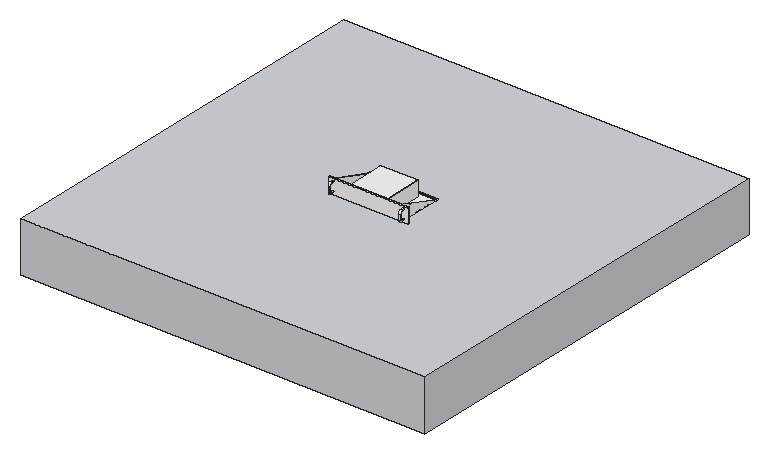
Revit family "Gira_207500", category Elektroinstallationen, Revit 2017
Family settings
  Basisbauteil = Fläche
  Beschriftungsausrichtung beibehalten = Nein
  Bemaßung runder Anschluss = Durchmesser verwenden
  Teiletyp = Normal
  Beim Laden mit Abzugskörper schneiden = Nein
  Gemeinsam genutzt = Nein
  Raumberechnungspunkt = Nein
Parameters
  Default Elevation = 1219.2 mm
  URL = "https://www.gira.de/"
  Typname = "Gira FacilityServer Gira Server"
  Type of accessory = "Other"
  Productwebsite = "http://katalog.gira.de/en/datenblatt.html?artikelnr=207500"
  Hersteller = "Gira"
  HAN = "207500"
  GTIN = "4010337051817"
  Data sheet = "https://katalog.gira.de/en/download.html?artikelnr=207500"
  Beschreibung = "Gira FacilityServer Serv.,Gira FacilityServer,,,Gateway for the KNX installation, specifically matched to the demanding requirements in the commercial sector. With the Gira FacilityServer, systems and building functions can be networked intelligently with each other and the entire KNX installation can be monitored, controlled and programmed centrally from a PC. Access and monitoring of the building and system technology from outside is also possible by connecting to the Internet. Also serves as a data server for higher-level facility management systems, to which it provides stored consumption and operating data for evaluation. It offers the complete functional range of the Gira HomeServer, but is equipped with considerably more memory capacity for its use in the commercial sector. This enables considerably larger amounts of data to be stored and more complex, more extensive visualisations to be created. Several Gira FacilityServers can be networked in order to interconnect buildings which are spatially separated from each other: Local and higher-level applications can be combined. In addition to a PC, access is also possible via other Internet-capable devices connected to LAN, WLAN, or the internet. As a result, KNX functions can be controlled and regulated anywhere. The Gira Control 9 Client, Gira Control 19 Client 2 and the Gira HomeServer app can be used as convenient operating devices. The app is available from the Apple App Store and Google Play Store and can be used on smartphones and tablets.,,Features:,- Can be updated.,- Installation in 19 rack. For this purpose the scope of supply includes a 19 insert unit with an aluminium plate. Can also be used as a stand-alone device.,- Management of 200 users. Multiple logins possible under one user name.,- Project archiving with individual content such as floor plans, etc.,- Cyclic triggered data recording (for example, temperature courses, elapsed-hours meters, fill levels).,- Graphic user interface: Visualisation of building and device states with freely positionable icons and texts. Saving of individual images and menu structures for each user group.,- Evaluation of IP cameras: Recording of images and playback in the visualisation. Forwarding of footage and images via email and FTP. National requirements, e.g. protocol-specific information and communications standards need to be observed.,- Exporting of data or alarm records in the Excel(tm), CSV, HTML or XML file formats.,- Mathematical functions (e.g. basic operations).,- Storing and calling up of light scenes.,- Timers, weekly program, public holiday calendar.,- Fault messages, measured values and sensor or actuator states can be transmitted by push notification and e-mail. Acknowledgement via KNX.,- Self-teaching occupied-home simulation.,- Remote programming via network, Internet and data communications connections.,- Transmitting ASCII texts.,- IP coupling with products from other manufacturers that generate or edit IP telegrams for control.,- Low-wearing.,- Graphic logic editor: Allows for example copying module groups across projects, creating any number of work sheets. Over 150 logic nodes are set up.,- Importing and exporting of global libraries.,- Communication objects: Data transfer from ETS by means of OPC or directly from the knxproj file. Import and export of communication objects as CSV file.,- Universal timer: Several switching points possible per clock. Use of placeholders in day, month, year. Activation deactivation via communication object. With Astro and random function.,- Data backup restoration of retentive data.,- 14-byte KNX texts: Evaluation by comparison with text string. Use in push notification, e-mails, or status page.,- Receipt of IP telegrams: Specification of an address range, extraction of 14-byte KNX texts, assignment to 14-byte KNX texts.,- SNMP: Reading out numeric and 14-byte KNX texts. Setting numeric values, integer values, and texts. Transmitting SNMP Traps via FacilityServer command. Optional ColdStart Trap when starting the FacilityServer.,- Operation status display via Agfeo telephone system.,- Evaluation of web-based IP devices (reading writing).,- Bus access via KNXnet IP protocol.,- iETS server: Remote programming of KNX systems. Enabling of iETS function with a communication object. Gira HomeServer continues to run without restriction during programming via iETS. Switching processes continue to run. Process image remains current.,,Notes :,- Further information: www.gira.de facilityserver.,- Technical information may vary or be modified depending on version. In the same way, the scope of service can vary among the individual clients (QuadClient, iOS app, Android app).,- Recommended system requirements for operating devices: Internet browser of possible operating devices must support at least HTML 4.0, Java Script 1.1, CSS, and Dynamic HTML.,- Gira FacilityServer Expert software for operating systems from Windows XP(tm) including Internet Explorer from Version 6.0.,- Adoption of the ETS group addresses from ETS 2, 3, 4, and 5.,- Integration of graphics programs."
  BIM = "https://media.stage.bim.site/public/gira/ad86d9f/Gira-Facility.rfa"
Reference planes
  plane 1 "Center (Front/Back)": y = 0
  plane 2: z = 0
  plane 3 "Center (Left/Right)": x = 0
Forms (mm)
  Extrusion 1, solid
    sketch origin (0, 0, 0) x (1, 0, 0) y (0, 1, 0)
      loop
        line (-1219.2, 1219.2) -> (-1219.2, -1219.2) -> (1219.2, -1219.2) -> (1219.2, 1219.2) -> (-1219.2, 1219.2)
    from 0 to -304.8
  Sweep 2, solid, material "White", detail levels fine
    path origin (0, 0, 0) x (0, -1, 0) y (0, 0, 1)
      loop
        line (120.35, 16.5) -> (138.35, 16.5)
        arc (138.35, 16.5) -> (145.421, 19.429) -> (148.35, 26.5) r 10
        line (148.35, 26.5) -> (148.35, 61.5)
        arc (148.35, 61.5) -> (145.421, 68.571) -> (138.35, 71.5) r 10
        line (138.35, 71.5) -> (120.35, 71.5)
    profile origin (0, -129.35, 71.5) x (0, 0, 1) y (1, 0, 0)
      loop
        circle (0, 212.5) r 4
  Sweep 3, solid, material "White", detail levels fine
    path origin (0, 0, 0) x (0, -1, 0) y (0, 0, 1)
      loop
        line (120.35, 16.5) -> (138.35, 16.5)
        arc (138.35, 16.5) -> (145.421, 19.429) -> (148.35, 26.5) r 10
        line (148.35, 26.5) -> (148.35, 61.5)
        arc (148.35, 61.5) -> (145.421, 68.571) -> (138.35, 71.5) r 10
        line (138.35, 71.5) -> (120.35, 71.5)
    profile origin (0, -129.35, 71.5) x (0, 0, -1) y (-1, 0, 0)
      loop
        circle (0, 212.5) r 4
  Extrusion 4, solid, material "White", detail levels fine
    sketch origin (0, 0, 0) x (0, 1, 0) y (0, 0, 1)
      loop
        line (-113.35, 1.5) -> (-113.35, 0.5) -> (132.35, 0.5) -> (138.087, 0.5)
        arc (138.087, 0.5) -> (138.852, 0.652) -> (139.501, 1.086) r 2
        line (139.501, 1.086) -> (144.572, 6.157)
        arc (144.572, 6.157) -> (145.279, 6.45) -> (145.986, 6.157) r 1
        line (145.986, 6.157) -> (151.643, 0.5) -> (152.35, 1.207) -> (146.693, 6.864)
        arc (146.693, 6.864) -> (145.279, 7.45) -> (143.865, 6.864) r 2
        line (143.865, 6.864) -> (138.794, 1.793)
        arc (138.794, 1.793) -> (138.47, 1.576) -> (138.087, 1.5) r 1
        line (138.087, 1.5) -> (-113.35, 1.5)
    from -202.5 to 202.5
  Extrusion 5, solid, material "White", detail levels medium+fine
    sketch origin (0, 0, 0) x (0, 1, 0) y (0, 0, 1)
      loop
        line (-113.35, 0.5) -> (132.35, 0.5) -> (132.35, 2.5) -> (132.35, 7.5) -> (-102.65, 87.5) -> (-113.35, 87.5) -> (-113.35, 0.5)
    from 200.5 to 202.5
  Extrusion 6, solid, material "White", detail levels medium+fine
    sketch origin (0, 0, 0) x (0, 1, 0) y (0, 0, -1)
      loop
        line (-113.35, -0.5) -> (-113.35, -87.5) -> (-102.65, -87.5) -> (132.35, -7.5) -> (132.35, -2.5) -> (132.35, -0.5) -> (-113.35, -0.5)
    from 200.5 to 202.5
  Extrusion 7, solid, material "White", detail levels fine
    sketch origin (0, 0, 0) x (1, 0, 0) y (0, 0, 1)
      loop
        line (-112.75, 84) -> (-112.75, 1.5) -> (112.75, 1.5) -> (112.75, 84)
        arc (112.75, 84) -> (111.725, 86.475) -> (109.25, 87.5) r 3.5
        line (109.25, 87.5) -> (-109.25, 87.5)
        arc (-109.25, 87.5) -> (-111.725, 86.475) -> (-112.75, 84) r 3.5
    from -113.15 to 113.35
  Extrusion 8, solid, material "White", detail levels fine
    sketch origin (0, 0, 0) x (1, 0, 0) y (0, 0, 1)
      loop
        line (-241.3, 87) -> (-241.3, 1) -> (-240.3, 0) -> (240.3, 0) -> (241.3, 1) -> (241.3, 87) -> (240.3, 88) -> (-240.3, 88) -> (-241.3, 87)
    from 113.35 to 120.35
  Revolve 9, solid, material "White", detail levels fine
    sketch origin (0, 0, 24) x (1, 0, 0) y (0, 1, 0)
      loop
        line (-95.7, 158.85) -> (-98.65, 158.85) -> (-98.65, 147.35) -> (-92.45, 147.35) -> (-92.45, 183.85) -> (-95.7, 183.85) -> (-95.7, 158.85)
      axis (-92.45, 183.85) -> (-92.45, 147.35)
    angle from 0 to 360
  Extrusion 10, solid, material "White", detail levels fine
    sketch origin (0, 0, 0) x (1, 0, 0) y (0, 0, 1)
      loop
        line (-103.85, 55.8) -> (-103.85, 9.2)
        arc (-103.85, 9.2) -> (-103.557, 8.493) -> (-102.85, 8.2) r 1
        line (-102.85, 8.2) -> (-80.85, 8.2)
        arc (-80.85, 8.2) -> (-80.143, 8.493) -> (-79.85, 9.2) r 1
        line (-79.85, 9.2) -> (-79.85, 55.8)
        arc (-79.85, 55.8) -> (-80.143, 56.507) -> (-80.85, 56.8) r 1
        line (-80.85, 56.8) -> (-102.85, 56.8)
        arc (-102.85, 56.8) -> (-103.557, 56.507) -> (-103.85, 55.8) r 1
    from -113.15 to -147.35
  Extrusion 11, solid, material "White", detail levels medium
    sketch origin (0, 0, 0) x (1, 0, 0) y (0, 0, 1)
      loop
        line (-241.3, 88) -> (-241.3, 0) -> (241.3, 0) -> (241.3, 88) -> (-241.3, 88)
    from 113.35 to 120.35
  Extrusion 12, solid, material "White", detail levels medium
    sketch origin (0, 0, 0) x (0, 1, 0) y (0, 0, 1)
      loop
        line (-120.35, 75.5) -> (-152.345, 75.5) -> (-152.345, 12.5) -> (-120.35, 12.5) -> (-120.35, 75.5)
    from 208.501 to 216.5
  Extrusion 13, solid, material "White", detail levels medium
    sketch origin (0, 0, 0) x (0, 1, 0) y (0, 0, -1)
      loop
        line (-120.35, -75.5) -> (-120.35, -12.5) -> (-152.345, -12.5) -> (-152.345, -75.5) -> (-120.35, -75.5)
    from 208.501 to 216.5
  Extrusion 14, solid, material "White", detail levels medium
    sketch origin (0, 0, 0) x (1, 0, 0) y (0, 0, 1)
      loop
        line (-112.75, 87.5) -> (-112.75, 1.5) -> (112.75, 1.5) -> (112.75, 87.5) -> (-112.75, 87.5)
    from -113.15 to 113.35
  Extrusion 15, solid, material "White", detail levels medium
    sketch origin (0, 0, 0) x (1, 0, 0) y (0, 0, 1)
      loop
        line (-103.85, 56.8) -> (-103.85, 8.2) -> (-79.85, 8.2) -> (-79.85, 56.8) -> (-103.85, 56.8)
    from -113.15 to -147.35
  Extrusion 16, solid, material "White", detail levels medium
    sketch origin (0, 0, 0) x (1, 0, 0) y (0, 0, 1)
      loop
        circle (-92.45, 24) r 6.2
    from -147.35 to -183.85
  Extrusion 17, solid, material "White", detail levels coarse
    sketch origin (0, 0, 0) x (1, 0, 0) y (0, 0, 1)
      loop
        line (-241.3, 88) -> (-241.3, 0) -> (241.3, 0) -> (241.3, 88) -> (-241.3, 88)
    from -183.85 to 152.345
  Extrusion 18, solid, material "White", detail levels medium
    sketch origin (0, 0, 0) x (0, 1, 0) y (0, 0, 1)
      loop
        line (-113.35, 1.5) -> (-113.35, 0.5) -> (132.35, 0.5) -> (152.35, 0.5) -> (152.35, 1.5) -> (-113.35, 1.5)
    from -202.5 to 202.5
Dimensions and locks
  aligned and locked: plane 2 to Extrusion 1
  aligned and locked: level to Extrusion 1
Connectors
  electrical at (-92.45, 158.85, 24)
    settings: on Revolve 9, index 1, voltage 0 V, apparent load 0 VA, apparent load phase1 0 VA, apparent load phase2 0 VA, apparent load phase3 0 VA, power factor 1, load classification "Other", number of poles 1, system type 31, power factor state 1, is connector primary yes, connector utility no, sub classification motor no, connector description ""
